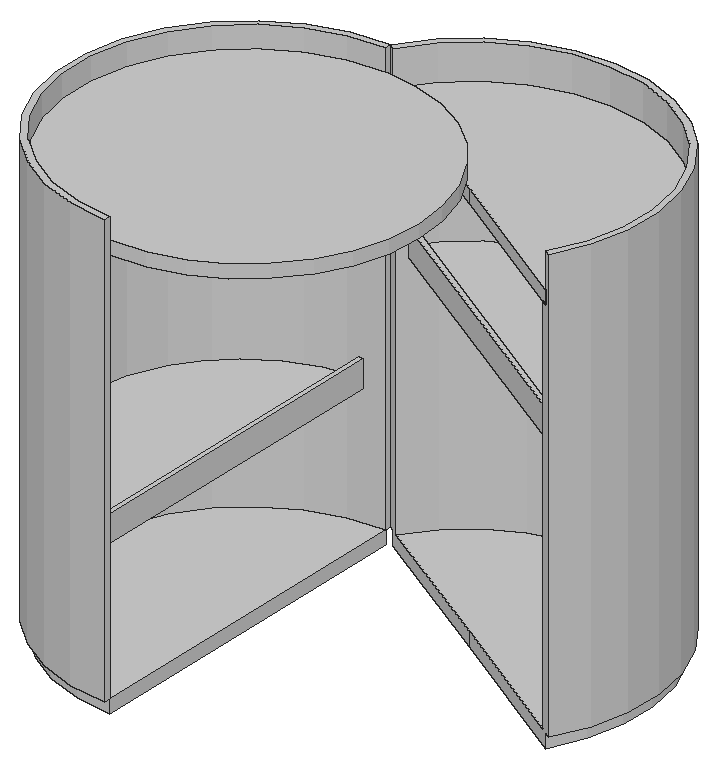
Revit family "Moon-LivingDivani", category Furniture, Revit 2013
Parameters (values of type "Moon aperto")
  chiuso = not(Aperto)  # no
  URL = "http://www.livingdivani.it"
  Model = "Moon"
  Mat. Tessuto = Linen, Beige
  Mat. Struttura = Steel, Polished
  Manufacturer = "LivingDivani"
  Codice prodotto = "MONV040"
  Aperto = yes
Types (3, lengths in cm): name | chiuso | Aperto
  (no name) | no | yes
  Moon chiuso | yes | no
  Moon aperto | no | yes
Reference planes (cm)
  plane 1 "Centro (Fronte/Retro)": y = 0
  plane 2: z = 0
  plane 3 "Centro (Sinistra/Destra)": x = 0
Forms (cm)
  Extrusion 1, solid, material "Steel, Polished" <- "Mat. Struttura"
    sketch origin (0, -20, 0) x (-1, 0, 0) y (0, -1, 0)
      loop
        line (0, 20) -> (0, 19.3)
        arc (0, 19.3) -> (19.3, 0) -> (0, -19.3) r 19.3
        line (0, -19.3) -> (0, -20)
        arc (0, -20) -> (20, 0) -> (0, 20) r 20
    from 1.9 to 50.4
  Extrusion 2, solid, material "Steel, Polished" <- "Mat. Struttura"
    sketch origin (0, -20, 0) x (1, 0, 0) y (0, 1, 0)
      loop
        line (0, -19.3) -> (0, 19.3)
        arc (0, 19.3) -> (-19.3, 0) -> (0, -19.3) r 19.3
    from 0.4 to 1.9
  Extrusion 3, solid, material "Steel, Polished" <- "Mat. Struttura"
    sketch origin (0, -20, 0) x (1, 0, 0) y (0, 1, 0)
      loop
        circle (0, 0) r 19.3
    from 46.5 to 48
  Extrusion 4, solid, material "Steel, Polished" <- "Mat. Struttura"
    sketch origin (0, -20, 1.9) x (1, 0, 0) y (0, 1, 0)
      loop
        line (-2.3, -18.4391) -> (-2.3, 18.4391)
        arc (-2.3, 18.4391) -> (-19.3, 0) -> (-2.3, -18.4391) r 18.5
    from 14 to 15
  Extrusion 5, solid, material "Steel, Polished" <- "Mat. Struttura"
    sketch origin (-2.3, -38.5, 1.9) x (0, 1, 0) y (0, 0, 1)
      loop
        line (36.9391, 14) -> (36.9391, 17) -> (-0.8, 17) -> (-0.8, 14) -> (36.9391, 14)
    from 0 to 0.5
Cuts and joins
  joined: Extrusion 4, Extrusion 5
Dimensions and locks (cm)
  aligned and locked: level to plane 2
Nested families (cm)
  nested 1: "moon portello" at (-0.0046, -0.0045, 0) x (0.515, 0.8572, 0) z (0, 0, 1), visible <- "Aperto", type "Moon Aperto"
  nested 2: "moon portello" at (0, 0, 0), visible <- "chiuso", type "Moon Aperto"
Definition of nested family "moon portello"
  Parameters (values of type "Moon Aperto")
    URL = "http://www.livingdivani.it"
    Model = "Moon"
    Mat. Tessuto = Linen, Beige
    Mat. Struttura = Steel, Polished
    Manufacturer = "LivingDivani"
    Codice prodotto = "MONV040"
    Angolo = 70.00°
  Types (3, lengths in cm): name | Angolo
    (no name) | 70.00°
    Moon Aperto | 70.00°
    Moon Chiuso | 1.00°
  Reference planes (cm)
    plane 1 "Centro (Fronte/Retro)": y = 0
    plane 2: z = 0
    plane 3 "Centro (Sinistra/Destra)": x = 0
    plane 4: y = 0
    plane 5: x = 0
    plane 6: through (0, 20, 120) normal (0.342, 0.9397, 0)
  Forms (cm)
    Revolve 1, solid, material "Steel, Polished" <- "Mat. Struttura"
      sketch origin (0, -0.0129, 120) x (0, 1, 0) y (0, 0, 1)
        loop
          line (-39.3, -69.6) -> (-40, -69.6) -> (-40, -118.1) -> (-39.3, -118.1) -> (-39.3, -119.6) -> (-20, -119.6) -> (-20, -118.1) -> (-38.5, -118.1) -> (-38.5, -75) -> (-39.3, -75) -> (-39.3, -69.6)
        axis (-20, -119.6) -> (-20, -69.6)
      angle from 0 to -180
    Revolve 2, solid, material "Steel, Polished" <- "Mat. Struttura"
      sketch origin (0, -0.0129, 120) x (0, 1, 0) y (0, 0, 1)
        loop
          line (-39.3, -75) -> (-20.0129, -75) -> (-20.0129, -73.5) -> (-39.3, -73.5) -> (-39.3, -75)
        axis (-20, -75) -> (-20, -73.5)
      angle from 0 to -180
    Extrusion 3, solid, material "Steel, Polished" <- "Mat. Struttura"
      sketch origin (0, -20.0129, 1.9) x (-1, 0, 0) y (0, -1, 0)
        loop
          line (-1.5, -18.4391) -> (-1.5, 18.4391)
          arc (-1.5, 18.4391) -> (-18.5, 0) -> (-1.5, -18.4391) r 18.5
      from 28 to 29
    Extrusion 4, solid, material "Steel, Polished" <- "Mat. Struttura"
      sketch origin (1.5, -1.5739, 1.9) x (0, -1, 0) y (0, 0, 1)
        loop
          line (0, 28) -> (36.9391, 28) -> (36.9391, 31) -> (0, 31) -> (0, 28)
      from 0 to 0.5
    Revolve 5, solid, material "Steel, Polished" <- "Mat. Struttura", not visible
      sketch origin (0, 20, 120) x (-0.939693, 0.34202, 0) y (0, 0, 1)
        loop
          line (-39.3, -69.6) -> (-40, -69.6) -> (-40, -118.1) -> (-39.3, -118.1) -> (-39.3, -119.6) -> (-20, -119.6) -> (-20, -118.1) -> (-38.5, -118.1) -> (-38.5, -75) -> (-39.3, -75) -> (-39.3, -69.6)
        axis (-20, -119.6) -> (-20, -69.6)
      angle from 0 to -180
    Revolve 6, solid, material "Steel, Polished" <- "Mat. Struttura", not visible
      sketch origin (0, 20, 120) x (-0.939693, 0.34202, 0) y (0, 0, 1)
        loop
          line (-39.3, -75) -> (-20.0129, -75) -> (-20.0129, -73.5) -> (-39.3, -73.5) -> (-39.3, -75)
        axis (-20, -75) -> (-20, -73.5)
      angle from 0 to -180
    Extrusion 7, solid, material "Steel, Polished" <- "Mat. Struttura", not visible
      sketch origin (18.7939, 13.1596, 1.9) x (-0.34202, -0.939693, 0) y (0.939693, -0.34202, 0)
        loop
          line (-1.5, -18.4391) -> (-1.5, 18.4391)
          arc (-1.5, 18.4391) -> (-18.5, 0) -> (-1.5, -18.4391) r 18.5
      from 28 to 29
    Extrusion 8, solid, material "Steel, Polished" <- "Mat. Struttura", not visible
      sketch origin (1.9798, 20.8757, 1.9) x (0.939693, -0.34202, 0) y (0, 0, 1)
        loop
          line (0, 28) -> (36.9391, 28) -> (36.9391, 31) -> (0, 31) -> (0, 28)
      from 0 to 0.5
    Extrusion 9, solid, material "Steel, Polished" <- "Mat. Struttura", not visible
      sketch origin (0, 0, 0) x (-1, 0, 0) y (0, -1, 0)
        loop
          line (0, 20) -> (0, 19.3)
          arc (0, 19.3) -> (19.3, 0) -> (0, -19.3) r 19.3
          line (0, -19.3) -> (0, -20)
          arc (0, -20) -> (20, 0) -> (0, 20) r 20
      from 1.9 to 50.4
    Extrusion 10, solid, material "Steel, Polished" <- "Mat. Struttura", not visible
      sketch origin (0, 0, 0) x (1, 0, 0) y (0, 1, 0)
        loop
          line (0, -19.3) -> (0, 19.3)
          arc (0, 19.3) -> (-19.3, 0) -> (0, -19.3) r 19.3
      from 0.4 to 1.9
    Extrusion 11, solid, material "Steel, Polished" <- "Mat. Struttura", not visible
      sketch origin (0, 0, 0) x (1, 0, 0) y (0, 1, 0)
        loop
          circle (0, 0) r 19.3
      from 46.5 to 48
    Extrusion 12, solid, material "Steel, Polished" <- "Mat. Struttura", not visible
      sketch origin (0, 0, 1.9) x (1, 0, 0) y (0, 1, 0)
        loop
          line (-2.3, -18.4391) -> (-2.3, 18.4391)
          arc (-2.3, 18.4391) -> (-19.3, 0) -> (-2.3, -18.4391) r 18.5
      from 14 to 15
    Extrusion 13, solid, material "Steel, Polished" <- "Mat. Struttura", not visible
      sketch origin (-2.3, -18.5, 1.9) x (0, 1, 0) y (0, 0, 1)
        loop
          line (36.9391, 14) -> (36.9391, 17) -> (-0.8, 17) -> (-0.8, 14) -> (36.9391, 14)
      from 0 to 0.5
  Cuts and joins
    joined: Extrusion 3, Extrusion 4
  Dimensions and locks (cm)
    aligned and locked: level to plane 2
